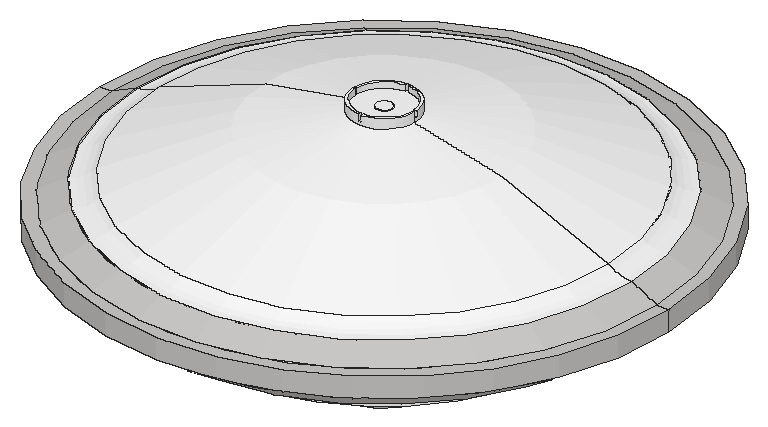
Revit family "PGL8", category Lighting Fixtures, host Face, Revit 2021
Family settings
  Host = Face
  Round Connector Dimension = Use Diameter
  Part Type = Normal
  OmniClass Number = 23.80.70.00
  OmniClass Title = Lighting
  Cut with Voids When Loaded = No
  Light Source = Yes
  Shared = No
  Room Calculation Point = No
Parameters
  Wattage = 9.2903 W
  Warranty = "5 Years Limited Warranty"
  built-in parameter 1150110 = 1 (stored number, unit not read)
  URL = "https://www.currentlighting.com/kimlighting"
  Type Comments = "Light Fixture"  # constant formula
  built-in parameter 1114217 = 1 (stored number, unit not read)
  Tilt Angle = -90.00°
  built-in parameter 1150109 = 1 (stored number, unit not read)
  built-in parameter 1150134 = 3
  built-in parameter 1150113 = 1 (stored number, unit not read)
  Power Factor = "0.90"
  Photometric Web File = "L031903201 PGL8-128L130-5K7-SM-T5W-UNV-WH (S-LITE) Full reflector Shield_600mA.IES"
  Model = "PGL8"  # constant formula
  Manufacturer = "KIM LIGHTING"  # constant formula
  built-in parameter 1150105 = 109.82 (stored number, unit not read)
  Lumens = 1380 lm
  built-in parameter 1150115 = 1 (stored number, unit not read)
  built-in parameter 1150137 = (empty or 0)
  built-in parameter 1150139 = (empty or 0)
  built-in parameter 1150112 = 1 (stored number, unit not read)
  built-in parameter 1150114 = 1 (stored number, unit not read)
  Lamp = "LED"
  built-in parameter 1150132 = (empty or 0)
  built-in parameter 1150102 = (empty or 0)
  built-in parameter 1150107 = 3200 (stored number, unit not read)
  built-in parameter 1150138 = (empty or 0)
  built-in parameter 1150106 = 1.0982 (stored number, unit not read)
  IP Rating = "IP 65"
  Housing = Metal-Galvanized_Steel
  Glass = Paint - Matte White
  Features = "Patent Pending edge lit, drop lens optic\r\n• The PGL8 offers exceptional uniformity\r\nand visual comfort with four standard\r\ndistribution patterns\r\n• Multiple control options available for a intelligent\r\nparking garage lighting solution\r\n• Integrnal sensors, battery backup and uplight"  # constant formula
  Emit from Circle Diameter = 14.00"
  Emit Shape Visible in Rendering = no
  built-in parameter 1150104 = 13.8 (stored number, unit not read)
  Distribution = "Type V Concentrated, Type V Square, Type V Rectangular, Asymmetric"  # constant formula
  Dimming Lamp Color Temperature Shift = <None>
  Dimming Interface = "0-10V"
  Description = "LED Parking Garage Luminaire"  # constant formula
  Default Elevation = 48.00"
  Contact us = ""
  Color Filter = 16777215
  Certifications = "UL listed"
  built-in parameter 1114218 = 1 (stored number, unit not read)
  built-in parameter 1150133 = 10 (stored number, unit not read)
  Assembly Code = "D5020200"
Reference planes (in)
  plane 1 "Center (Front/Back)": y = 0
  plane 2: z = 0
  plane 3 "Center (Left/Right)": x = 0
  plane 4: x = 7.44141
  plane 5: x = -7.44141
  plane 6: x = -7.44
  plane 7: x = 7.44
  plane 8: z = -2.29
  plane 9: z = 2.47
  plane 10: z = 3.84
  plane 11: x = -5
  plane 12: x = 5
Forms (in)
  Revolve 1, solid, material "Metal-Galvanized_Steel" <- "Housing"
    sketch origin (0, 0, 0) x (1, 0, 0) y (0, 0, 1)
      loop
        line (6.46971, 2.15281) -> (0, 2.15281) -> (0, 0) -> (5, 0)
        arc (5, 0) -> (6.28097, 0.54908) -> (7.4446, 1.3161) r 7.84715
        line (7.4446, 1.3161) -> (7.4446, 1.84575) -> (7.12819, 1.84575) -> (6.46971, 2.15281)
      axis (0, 2.15281) -> (0, 0)
    angle from 0 to 360
  Revolve 2, solid, material "Paint - Matte White" <- "Glass"
    sketch origin (0, 0, -2.375) x (1, 0, 0) y (0, 0, 1)
      loop
        line (0, 6.40378) -> (0, 4.52781) -> (6.46971, 4.52781)
        arc (6.46971, 4.52781) -> (6.15461, 4.58638) -> (5.88161, 4.75428) r 0.87683
        arc (5.88161, 4.75428) -> (3.01494, 5.84338) -> (0, 6.40378) r 17.12612
      axis (0, 6.40378) -> (0, 4.52781)
    angle from 0 to 360
  Revolve 3, solid, material "Paint - Matte White" <- "Glass"
    sketch origin (0, 0, 0) x (1, 0, 0) y (0, 0, 1)
      loop
        line (0.80684, 3.91598) -> (0.80684, 4.15313) -> (0.02375, 4.15313) -> (0.02375, 4.00885)
        arc (0.02375, 4.00885) -> (0.41591, 3.96762) -> (0.80684, 3.91598) r 14.82782
      loop
        line (0, 0) -> (0, -2.29) -> (1.38759, -2.29)
        arc (1.38759, -2.29) -> (3.02596, -1.03832) -> (4.9375, -0.26568) r 7.7087
        line (4.9375, -0.26568) -> (4.9375, 0) -> (0, 0)
      axis (0, 4.15313) -> (0, -2.29)
    angle from 0 to 360
  Extrusion 4, void
    sketch origin (0, 0, 0) x (1, 0, 0) y (0, 1, 0)
      loop
        line (-0.04014, 0.92024) -> (-0.04014, 0.74881)
        arc (-0.04014, 0.74881) -> (-0.52954, 0.52803) -> (-0.74233, 0.03511) r 0.74286
        line (-0.74233, 0.03511) -> (-0.91723, 0.03511) -> (-0.91723, -0.03712) -> (-0.74155, -0.03712)
        arc (-0.74155, -0.03712) -> (-0.521, -0.5225) -> (-0.03209, -0.73513) r 0.74286
        line (-0.03209, -0.73513) -> (-0.03209, -0.91421) -> (0.04014, -0.91421) -> (0.04014, -0.73474)
        arc (0.04014, -0.73474) -> (0.52671, -0.51682) -> (0.74198, -0.02908) r 0.74286
        line (0.74198, -0.02908) -> (0.91723, -0.02908) -> (0.91723, 0.04315) -> (0.74198, 0.04315)
        arc (0.74198, 0.04315) -> (0.52386, 0.53374) -> (0.03209, 0.74921) r 0.74286
        line (0.03209, 0.74921) -> (0.03209, 0.92024) -> (-0.04014, 0.92024)
    from 4.00885 to 4.58783
Cuts and joins
  Extrusion 4 cuts Revolve 1
  Extrusion 4 cuts Revolve 2
  Extrusion 4 cuts Revolve 3
Dimensions and locks (in)
  aligned and locked: plane 2 to host face
  aligned and locked: level to host face
Connectors (in)
  electrical at (0, 0, 1.84575)
    settings: on cut or joined group of Revolve 1, Extrusion 4, index 1, voltage 0 V, apparent load 0 VA, apparent load phase1 0 VA, apparent load phase2 0 VA, apparent load phase3 0 VA, power factor 0.9, load classification "Other", number of poles 1, system type 31, power factor state 1, is connector primary yes, connector utility no, sub classification motor no, connector description "Lighting connector"
